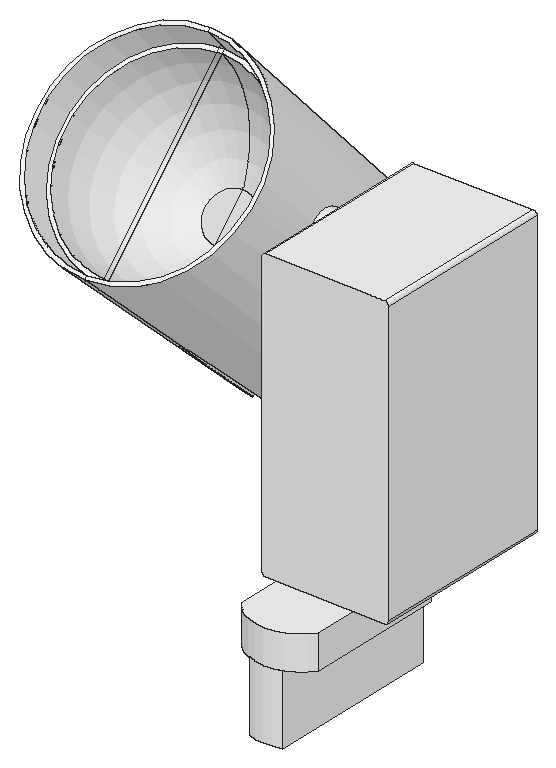
Revit family "0004861 Feilo Sylvania Lighting Fixture START TRACK SPOT S 14W 3K RA90 WB WHITE", category Lighting Fixtures, host Face, Revit 2017
Family settings
  Host = Face
  Round Connector Dimension = Use Diameter
  Part Type = Normal
  OmniClass Number = 23.80.70.00
  OmniClass Title = Lighting
  Cut with Voids When Loaded = No
  Light Source = No
  Shared = No
  Room Calculation Point = No
Parameters (values of type "0004861 START TRACK SPOT S 14W 3K RA90 WB WHITE")
  Weight = "0.94 kg"
  Wattage Comments = ""
  WarrantyStartDate [instance] = "n/a"
  WarrantyGuarantorParts = "n/a"
  WarrantyDurationUnit = "n/a"
  WarrantyDurationParts = "n/a"
  WarrantyDescription = "n/a"
  Voltage = 230 V
  URL = "http://www.sylvania-lighting.com"
  TypeName = "START TRACK SPOT S 14W 3K RA90 WB WHITE"
  TypeHead_FEILO = Start Track Spot Head : 0004861 START TRACK SPOT S 14W 3K RA90 WB WHITE
  TypeBox_FEILO = Start Track Spot Box : Type Small White
  Type Image = <None>
  Type Comments = "n/a"
  VerticalRotation_FEILO [instance] = 0.00°
  SlideEndAngle_FEILO [instance] = VerticalRotation_FEILO + 180.00°  # 180.00°
  SerialNumber [instance] = "n/a"
  Material_3_FEILO = none
  PowerFactor = 0.92
  PowerConsumption = "14 W"
  NominalLength = 0 mm
  NominalHeight = 200 mm
  NominalDepth = 140 mm
  Name = "START TRACK SPOT S 14W 3K RA90 WB WHITE"
  ModelReference = Name  # "START TRACK SPOT S 14W 3K RA90 WB WHITE"
  ModelNumber = "0004861"
  Model = Name  # "START TRACK SPOT S 14W 3K RA90 WB WHITE"
  Material = "adc12 aluminium housing, polycarbonate diffuser"
  ManufacturerName = "Feilo Sylvania"
  Manufacturer = "Feilo Sylvania"
  LuminousEfficacy = "90 lm/W"
  LuminaireType = ""
  LightOutputRatio = "100"
  LampsType = Lamp  # "LED"
  LampNominalLuminous = "1262 lm"
  LampMacAdamStep = "3"
  LampColourTemperature = "3000 K"
  LampColourRenderingIndex = "90"
  Lamp = "LED"
  Keynote = "16500"
  InstallationDate [instance] = "n/a"
  InputVoltage = "230-240V~"
  InputNominalFrequency = "50/60 Hz"
  IngressProtection = "IP20"
  ImpactProtectionIndex = "IK02"
  IfcExportType = "IfcLightFixtureType"
  IfcExportAs = "IfcLightFixtureType"
  HorizontalRotation_FEILO [instance] = 45.00°
  ExpectedLife = 50000
  ElectricShockClassification = "Class II"
  DurationUnit = "hours"
  DocumentationLiterature = "http://www.sylvania-lighting.com/product/en-int/products/0004861"
  DimmingControlOptions = "Non dimmable"
  Material_2_FEILO = none
  Description = "Integrated LED spotlight, Textured White - RAL9016, compact and minimalist design, ideal for retail applications, die-cast aluminium body, passive cooling heatsink. Beam angle: 64°, color temperature: 3000K , total system power: 14W, total fixture output: 1262 lm, LOR: 100%, colour rendering: Ra: 90 typical, LED Chromaticity: 3 step MacAdam ellipse, lifetime: >50000 hours at L70B50, energy class: A++, A+, A, IR/UV free light source without heat radiation, operating voltage: 220-240V / 50-60Hz, drive current: 350mA, electronic driver, non-dimmable, power factor: 0.92, electrical protection: Class II, Global Track 3 Phase adapter suitable for Global trac 3-circuit tracks, ingress protection rating: IP20, suitable for internal environment only, horizontal rotation: 355°, vertical tilt: 90°, dimensions: Ø86x140x200, weight: 0.940kg."
  Default Elevation = 1219.2 mm
  CreatedOn = "12/12/2017"
  CreatedBy = ""
  Cost = 0
  built-in parameter 1114216 [instance] = (empty or 0)
  ClassificationValue = "EF_70_80"
  ClassificationName = "Uniclass2015"
  Material_1_FEILO = Body-Sylvania-StartTrackSpot-White
  BarCode [instance] = "n/a"
  AssetType = "Fixed"
  AssetIdentifier [instance] = "n/a"
  Assembly Code = "D5020200"
  Apparent Load = 14 VA
  Material_4_FEILO = none
Reference planes
  plane 1 "Center (Front/Back)": y = 0
  plane 2: z = 0
  plane 3 "Center (Left/Right)": x = 0
  plane 4: x = 15
  plane 5: x = -15
  plane 6: y = 35
  plane 7: y = -35
  plane 8: z = 13
  plane 9: z = -27
  plane 10: x = 6.5
  plane 11: x = -6.5
  plane 12: y = 27
  plane 13: y = -27
  plane 14: y = 20
Forms (mm)
  Extrusion 1, solid, material "Body-Sylvania-StartTrackSpot-White" <- "Material_1_FEILO"
    sketch origin (0, 0, 0) x (1, 0, 0) y (0, 1, 0)
      loop
        line (-15, 27) -> (-15, -27)
        arc (-15, -27) -> (0, -35) -> (15, -27) r 18.062
        line (15, -27) -> (15, 27)
        arc (15, 27) -> (0, 35) -> (-15, 27) r 18.062
    from 0 to 13
  Extrusion 2, solid, material "Body-Sylvania-StartTrackSpot-White" <- "Material_1_FEILO"
    sketch origin (0, 0, 0) x (1, 0, 0) y (0, 1, 0)
      loop
        arc (6.5, 33.79) -> (0, 35) -> (-6.5, 33.79) r 18.062
        line (-6.5, 33.79) -> (-6.5, -33.79)
        arc (-6.5, -33.79) -> (0, -35) -> (6.5, -33.79) r 18.062
        line (6.5, -33.79) -> (6.5, 33.79)
    from 0 to -27
  Revolve 3, solid, not visible
    sketch origin (1524, 20, 1219.2) x (1, 0, 0) y (0, 0, 1)
      loop
        line (-1524, -1206.2) -> (-1524, -1191.285) -> (-1530.5, -1191.285) -> (-1530.5, -1206.2) -> (-1524, -1206.2)
      axis (-1524, -1191.285) -> (-1524, -1206.2)
    angle from 0 <- "VerticalRotation_FEILO" to 180 <- "SlideEndAngle_FEILO"
Cuts and joins
  joined: Extrusion 1, Extrusion 2
Dimensions and locks
  equal spacing: plane 10, plane 3 "Center (Left/Right)", plane 11
  equal spacing: plane 4, plane 3 "Center (Left/Right)", plane 5
  locked: plane 8 to plane 2 at 13
  locked: plane 8 to plane 9 at 40
  equal spacing: plane 13, plane 1 "Center (Front/Back)", plane 12
  locked: plane 12 to plane 6 at 8
  locked: plane 14 to plane 6 at 15
  locked: Revolve 3 sketch curve to plane 8 at 14.915
  aligned and locked: plane 2 to host face
  aligned and locked: level to host face
  aligned and locked: plane 5 to Extrusion 1 sketch curve  (x2)
  aligned and locked: plane 12 to Extrusion 1 sketch curve
  aligned and locked: plane 13 to Extrusion 1 sketch curve
  aligned and locked: plane 4 to Extrusion 1 sketch curve
  aligned and locked: Extrusion 1 to plane 8
  aligned and locked: Extrusion 1 to level
  aligned and locked: Extrusion 2 sketch curve to Extrusion 1  (x2)
  aligned and locked: Extrusion 2 sketch curve to plane 11
  aligned and locked: plane 10 to Extrusion 2 sketch curve
  aligned and locked: plane 9 to Extrusion 2
  aligned and locked: level to Extrusion 2
  aligned and locked: Revolve 3 sketch curve to plane 3 "Center (Left/Right)"  (x2)
  aligned and locked: plane 11 to Revolve 3 sketch curve
  aligned and locked: Revolve 3 sketch curve to plane 8
Automatic sketch dimensions
  host sketch curve to host sketch curve = 2438.4 mm  (x2)
  Extrusion 1 sketch curve to plane 3 "Center (Left/Right)" = 0 mm  (x2)
  Extrusion 1 sketch curve to plane 13 = 10.062 mm
  plane 12 to Extrusion 1 sketch curve = 10.062 mm
  Revolve 3 sketch curve to plane 3 "Center (Left/Right)" = 0 mm
  plane 9 to Revolve 3 sketch curve = 582.6 mm
  Revolve 3 sketch curve to Revolve 3 sketch curve = 2581.144 mm
Nested families
  nested 1: "Start Track Spot Head" at (-62, 20, 112.529) x (0, 0.7071, 0.7071) z (0, 0.7071, -0.7071), type <- "TypeHead_FEILO", type "0004861 START TRACK SPOT S 14W 3K RA90 WB WHITE"
    with built-in parameter 1114216 (empty or 0)
  nested 2: "Start Track Spot Box" at (8.5, 20, 73) x (-1, 0, 0) z (0, -1, 0), BoxStartAngle_FEILO <- "HorizontalRotation_FEILO", type <- "TypeBox_FEILO", type "Type Small White"
    with BoxStartAngle_FEILO 45.00°, BoxEndAngle_FEILO -135.00°
Connectors
  electrical at (0, 0, 0), driven by "Apparent Load", driven by "PowerFactor", driven by "Voltage"
    settings: index 1, voltage 230 V, apparent load 14 VA, apparent load phase1 0 VA, apparent load phase2 0 VA, apparent load phase3 0 VA, power factor 0.92, load classification "Lighting", number of poles 1, system type 30, power factor state 1, is connector primary yes, connector utility no, sub classification motor no, connector description ""
Definition of nested family "Start Track Spot Head"
  Parameters (values of type "0004811 START TRACK SPOT S 14W 3K RA80 NB WHITE")
    Wattage Comments = "n/a"
    Wattage = 14 W
    built-in parameter 1150110 = 1 (stored number, unit not read)
    URL = "http://www.feilosylvania.com"
    Type Image = (empty or 0)
    Type Comments = "n/a"
    built-in parameter 1114217 = 1 (stored number, unit not read)
    Tilt Angle = -90.00°
    built-in parameter 1150109 = 1 (stored number, unit not read)
    built-in parameter 1150134 = (empty or 0)
    built-in parameter 1150113 = 1 (stored number, unit not read)
    Photometric Web File = "0004811.ies"
    Material_3_FEILO = none
    Model = "START TRACK SPOT S 14W 3K RA80 NB WHITE"
    Manufacturer = "Feilo Sylvania"
    built-in parameter 1150105 = 123.66 (stored number, unit not read)
    Lumens = 1554 lm
    built-in parameter 1150115 = 1 (stored number, unit not read)
    built-in parameter 1150137 = (empty or 0)
    built-in parameter 1150139 = (empty or 0)
    built-in parameter 1150112 = 1 (stored number, unit not read)
    built-in parameter 1150114 = 1 (stored number, unit not read)
    Lamp = "LED"
    Keynote = "16500"
    Material_2_FEILO = none
    built-in parameter 1150132 = (empty or 0)
    built-in parameter 1150102 = (empty or 0)
    built-in parameter 1150107 = 3000 (stored number, unit not read)
    built-in parameter 1150138 = (empty or 0)
    built-in parameter 1150106 = 1.2366 (stored number, unit not read)
    HeadThickness_FEILO = if(HeadDiaOut_FEILO > 112 mm, 2 mm, 1.5 mm)  # 1.5 mm
    HeadRibOffset_FEILO = HeadHeight_FEILO / 28  # 4.179 mm
    HeadRibDepth_FEILO = HeadHeight_FEILO / 2.1  # 55.714 mm
    HeadRibCutWidth_FEILO = HeadDiaOut_FEILO / 12  # 7.167 mm
    HeadRibCutOffset_FEILO = HeadHeight_FEILO / 2.3  # 50.87 mm
    HeadReflectorRadius_FEILO = HeadDiaOut_FEILO / 1.7  # 50.588 mm
    HeadReflectorOffset_FEILO = HeadHeight_FEILO / 2.1  # 55.714 mm
    HeadLEDRadius_FEILO = HeadDiaOut_FEILO / 9  # 9.556 mm
    HeadHeight_FEILO = 117 mm
    HeadDraft_FEILO = 1 mm
    HeadDiffusorThickness_FEILO = 3 mm
    HeadDiffusorOffset_FEILO = HeadHeight_FEILO / 12.4  # 9.435 mm
    HeadDiaOut_FEILO = 86 mm
    HeadDiaIn_FEILO = HeadDiaOut_FEILO / 1.11  # 77.477 mm
    HeadAxisFromTop_FEILO = HeadHeight_FEILO / 1.687  # 69.354 mm
    Emit from Circle Diameter = HeadDiaIn_FEILO  # 77.477 mm
    Emit Shape Visible in Rendering = no
    built-in parameter 1150104 = 10.312 (stored number, unit not read)
    Dimming Lamp Color Temperature Shift = (empty or 0)
    Description = "Integrated LED spotlight, Textured White - RAL9016, compact and minimalist design, ideal for retail applications, die-cast aluminium body, passive cooling heatsink. Beam angle: 12°, color temperature: 3000K , total system power: 14W, total fixture output: 1551 lm, LOR: 100%, colour rendering: Ra: 80 typical, LED Chromaticity: 3 step MacAdam ellipse, lifetime: >50000 hours at L70B50, energy class: A++, A+, A, IR/UV free light source without heat radiation, operating voltage: 220-240V / 50-60Hz, drive current: 350mA, electronic driver, non-dimmable, power factor: 0.92, electrical protection: Class II, Global Track 3 Phase adapter suitable for Global trac 3-circuit tracks, ingress protection rating: IP20, suitable for internal environment only, horizontal rotation: 355°, vertical tilt: 90°, dimensions: Ø86x140x200, weight: 0.940kg."
    Default Elevation = 1219.2 mm
    Cost = 0
    Color Filter = 16777215
    built-in parameter 1114216 [instance] = (empty or 0)
    Material_1_FEILO = none
    built-in parameter 1114218 = 1 (stored number, unit not read)
    built-in parameter 1150133 = 10 (stored number, unit not read)
    Assembly Code = "D5020200"
    Apparent Load = 14 VA
    Material_4_FEILO = none
  Types (96, lengths in mm): name | Wattage | built-in parameter 1150134 | Photometric Web File | Model | built-in parameter 1150105 | Lumens | built-in parameter 1150107 | built-in parameter 1150106 | HeadThickness_FEILO | HeadRibOffset_FEILO | HeadRibDepth_FEILO | HeadRibCutWidth_FEILO | HeadRibCutOffset_FEILO | HeadReflectorRadius_FEILO | HeadReflectorOffset_FEILO | HeadLEDRadius_FEILO | HeadHeight_FEILO | HeadDiffusorOffset_FEILO | HeadDiaOut_FEILO | HeadDiaIn_FEILO | HeadAxisFromTop_FEILO | Emit from Circle Diameter | built-in parameter 1150104 | Description | Apparent Load
    0004906 START TRACK SPOT L 55W 4K RA90 WB BLACK | 55 W | 12 | "0004906.ies" | "START TRACK SPOT L 55W 4K RA90 WB BLACK" | 385.15 (stored number, unit not read) | 4840 lm | 4000 (stored number, unit not read) | 3.8515 (stored number, unit not read) | 2 | 4.429 | 59.048 | 9.417 | 53.913 | 66.471 | 59.048 | 12.556 | 124 | 10 | 113 | 101.802 | 73.503 | 101.802 | 8.1755 (stored number, unit not read) | "Integrated LED spotlight, Textured Black - RAL9005, compact and minimalist design, ideal for retail applications, die-cast aluminium body, passive cooling heatsink. Beam angle: 52°, color temperature: 4000K , total system power: 55W, total fixture output: 4824 lm, LOR: 100%, colour rendering: Ra: 90 typical, LED Chromaticity: 3 step MacAdam ellipse, lifetime: >50000 hours at L70B50, energy class: A++, A+, A, IR/UV free light source without heat radiation, operating voltage: 220-240V / 50-60Hz, drive current: 1400mA, electronic driver, non-dimmable, power factor: 0.96, electrical protection: Class II, Global Track 3 Phase adapter suitable for Global trac 3-circuit tracks, ingress protection rating: IP20, suitable for internal environment only, horizontal rotation: 355°, vertical tilt: 90°, dimensions: Ø113x164x240, weight: 1.398kg." | 55 VA
    0004905 START TRACK SPOT L 55W 4K RA90 MB BLACK | 55 W | 12 | "0004905.ies" | "START TRACK SPOT L 55W 4K RA90 MB BLACK" | 389.53 (stored number, unit not read) | 4895 lm | 4000 (stored number, unit not read) | 3.8953 (stored number, unit not read) | 2 | 4.429 | 59.048 | 9.417 | 53.913 | 66.471 | 59.048 | 12.556 | 124 | 10 | 113 | 101.802 | 73.503 | 101.802 | 8.2684 (stored number, unit not read) | "Integrated LED spotlight, Textured Black - RAL9005, compact and minimalist design, ideal for retail applications, die-cast aluminium body, passive cooling heatsink. Beam angle: 38°, color temperature: 4000K , total system power: 55W, total fixture output: 4897 lm, LOR: 100%, colour rendering: Ra: 90 typical, LED Chromaticity: 3 step MacAdam ellipse, lifetime: >50000 hours at L70B50, energy class: A++, A+, A, IR/UV free light source without heat radiation, operating voltage: 220-240V / 50-60Hz, drive current: 1400mA, electronic driver, non-dimmable, power factor: 0.96, electrical protection: Class II, Global Track 3 Phase adapter suitable for Global trac 3-circuit tracks, ingress protection rating: IP20, suitable for internal environment only, horizontal rotation: 355°, vertical tilt: 90°, dimensions: Ø113x164x240, weight: 1.398kg." | 55 VA
    0004904 START TRACK SPOT L 55W 4K RA90 NB BLACK | 55 W | 12 | "0004904.ies" | "START TRACK SPOT L 55W 4K RA90 NB BLACK" | 393.91 (stored number, unit not read) | 4950 lm | 4000 (stored number, unit not read) | 3.9391 (stored number, unit not read) | 2 | 4.429 | 59.048 | 9.417 | 53.913 | 66.471 | 59.048 | 12.556 | 124 | 10 | 113 | 101.802 | 73.503 | 101.802 | 8.3613 (stored number, unit not read) | "Integrated LED spotlight, Textured Black - RAL9005, compact and minimalist design, ideal for retail applications, die-cast aluminium body, passive cooling heatsink. Beam angle: 15°, color temperature: 4000K , total system power: 55W, total fixture output: 4965 lm, LOR: 100%, colour rendering: Ra: 90 typical, LED Chromaticity: 3 step MacAdam ellipse, lifetime: >50000 hours at L70B50, energy class: A++, A+, A, IR/UV free light source without heat radiation, operating voltage: 220-240V / 50-60Hz, drive current: 1400mA, electronic driver, non-dimmable, power factor: 0.96, electrical protection: Class II, Global Track 3 Phase adapter suitable for Global trac 3-circuit tracks, ingress protection rating: IP20, suitable for internal environment only, horizontal rotation: 355°, vertical tilt: 90°, dimensions: Ø113x164x240, weight: 1.398kg." | 55 VA
    0004903 START TRACK SPOT L 35W 4K RA90 WB BLACK | 35 W | 12 | "0004903.ies" | "START TRACK SPOT L 35W 4K RA90 WB BLACK" | 284.09 (stored number, unit not read) | 3570 lm | 4000 (stored number, unit not read) | 2.8409 (stored number, unit not read) | 2 | 4.429 | 59.048 | 9.417 | 53.913 | 66.471 | 59.048 | 12.556 | 124 | 10 | 113 | 101.802 | 73.503 | 101.802 | 9.4761 (stored number, unit not read) | "Integrated LED spotlight, Textured Black - RAL9005, compact and minimalist design, ideal for retail applications, die-cast aluminium body, passive cooling heatsink. Beam angle: 52°, color temperature: 4000K , total system power: 35W, total fixture output: 3562 lm, LOR: 100%, colour rendering: Ra: 90 typical, LED Chromaticity: 3 step MacAdam ellipse, lifetime: >50000 hours at L70B50, energy class: A++, A+, A, IR/UV free light source without heat radiation, operating voltage: 220-240V / 50-60Hz, drive current: 900mA, electronic driver, non-dimmable, power factor: 0.93, electrical protection: Class II, Global Track 3 Phase adapter suitable for Global trac 3-circuit tracks, ingress protection rating: IP20, suitable for internal environment only, horizontal rotation: 355°, vertical tilt: 90°, dimensions: Ø113x164x240, weight: 1.368kg." | 35 VA
    0004902 START TRACK SPOT L 35W 4K RA90 MB BLACK | 35 W | 12 | "0004902.ies" | "START TRACK SPOT L 35W 4K RA90 MB BLACK" | 286.88 (stored number, unit not read) | 3605 lm | 4000 (stored number, unit not read) | 2.8688 (stored number, unit not read) | 2 | 4.429 | 59.048 | 9.417 | 53.913 | 66.471 | 59.048 | 12.556 | 124 | 10 | 113 | 101.802 | 73.503 | 101.802 | 9.569 (stored number, unit not read) | "Integrated LED spotlight, Textured Black - RAL9005, compact and minimalist design, ideal for retail applications, die-cast aluminium body, passive cooling heatsink. Beam angle: 38°, color temperature: 4000K , total system power: 35W, total fixture output: 3616 lm, LOR: 100%, colour rendering: Ra: 90 typical, LED Chromaticity: 3 step MacAdam ellipse, lifetime: >50000 hours at L70B50, energy class: A++, A+, A, IR/UV free light source without heat radiation, operating voltage: 220-240V / 50-60Hz, drive current: 900mA, electronic driver, non-dimmable, power factor: 0.93, electrical protection: Class II, Global Track 3 Phase adapter suitable for Global trac 3-circuit tracks, ingress protection rating: IP20, suitable for internal environment only, horizontal rotation: 355°, vertical tilt: 90°, dimensions: Ø113x164x240, weight: 1.368kg." | 35 VA
    0004901 START TRACK SPOT L 35W 4K RA90 NB BLACK | 35 W | 12 | "0004901.ies" | "START TRACK SPOT L 35W 4K RA90 NB BLACK" | 286.88 (stored number, unit not read) | 3605 lm | 4000 (stored number, unit not read) | 2.8688 (stored number, unit not read) | 2 | 4.429 | 59.048 | 9.417 | 53.913 | 66.471 | 59.048 | 12.556 | 124 | 10 | 113 | 101.802 | 73.503 | 101.802 | 9.569 (stored number, unit not read) | "Integrated LED spotlight, Textured Black - RAL9005, compact and minimalist design, ideal for retail applications, die-cast aluminium body, passive cooling heatsink. Beam angle: 15°, color temperature: 4000K , total system power: 35W, total fixture output: 3593 lm, LOR: 100%, colour rendering: Ra: 90 typical, LED Chromaticity: 3 step MacAdam ellipse, lifetime: >50000 hours at L70B50, energy class: A++, A+, A, IR/UV free light source without heat radiation, operating voltage: 220-240V / 50-60Hz, drive current: 900mA, electronic driver, non-dimmable, power factor: 0.93, electrical protection: Class II, Global Track 3 Phase adapter suitable for Global trac 3-circuit tracks, ingress protection rating: IP20, suitable for internal environment only, horizontal rotation: 355°, vertical tilt: 90°, dimensions: Ø113x164x240, weight: 1.368kg." | 35 VA
    0004900 START TRACK SPOT S 24W 4K RA90 WB BLACK | 24 W | 12 | "0004900.ies" | "START TRACK SPOT S 24W 4K RA90 WB BLACK" | 166.16 (stored number, unit not read) | 2088 lm | 4000 (stored number, unit not read) | 1.6616 (stored number, unit not read) | 1.5 | 4.179 | 55.714 | 7.167 | 50.87 | 50.588 | 55.714 | 9.556 | 117 | 9.435 | 86 | 77.477 | 69.354 | 77.477 | 8.0826 (stored number, unit not read) | "Integrated LED spotlight, Textured Black - RAL9005, compact and minimalist design, ideal for retail applications, die-cast aluminium body, passive cooling heatsink. Beam angle: 64°, color temperature: 4000K , total system power: 24W, total fixture output: 2087 lm, LOR: 100%, colour rendering: Ra: 90 typical, LED Chromaticity: 3 step MacAdam ellipse, lifetime: >50000 hours at L70B50, energy class: A++, A+, A, IR/UV free light source without heat radiation, operating voltage: 220-240V / 50-60Hz, drive current: 600mA, electronic driver, non-dimmable, power factor: 0.95, electrical protection: Class II, Global Track 3 Phase adapter suitable for Global trac 3-circuit tracks, ingress protection rating: IP20, suitable for internal environment only, horizontal rotation: 355°, vertical tilt: 90°, dimensions: Ø86x140x200, weight: 0.966kg." | 24 VA
    0004899 START TRACK SPOT S 24W 4K RA90 MB BLACK | 24 W | 12 | "0004899.ies" | "START TRACK SPOT S 24W 4K RA90 MB BLACK" | 169.98 (stored number, unit not read) | 2136 lm | 4000 (stored number, unit not read) | 1.6998 (stored number, unit not read) | 1.5 | 4.179 | 55.714 | 7.167 | 50.87 | 50.588 | 55.714 | 9.556 | 117 | 9.435 | 86 | 77.477 | 69.354 | 77.477 | 8.2684 (stored number, unit not read) | "Integrated LED spotlight, Textured Black - RAL9005, compact and minimalist design, ideal for retail applications, die-cast aluminium body, passive cooling heatsink. Beam angle: 36°, color temperature: 4000K , total system power: 24W, total fixture output: 2141 lm, LOR: 100%, colour rendering: Ra: 90 typical, LED Chromaticity: 3 step MacAdam ellipse, lifetime: >50000 hours at L70B50, energy class: A++, A+, A, IR/UV free light source without heat radiation, operating voltage: 220-240V / 50-60Hz, drive current: 600mA, electronic driver, non-dimmable, power factor: 0.95, electrical protection: Class II, Global Track 3 Phase adapter suitable for Global trac 3-circuit tracks, ingress protection rating: IP20, suitable for internal environment only, horizontal rotation: 355°, vertical tilt: 90°, dimensions: Ø86x140x200, weight: 0.966kg." | 24 VA
    0004898 START TRACK SPOT S 24W 4K RA90 NB BLACK | 24 W | 12 | "0004898.ies" | "START TRACK SPOT S 24W 4K RA90 NB BLACK" | 171.89 (stored number, unit not read) | 2160 lm | 4000 (stored number, unit not read) | 1.7189 (stored number, unit not read) | 1.5 | 4.179 | 55.714 | 7.167 | 50.87 | 50.588 | 55.714 | 9.556 | 117 | 9.435 | 86 | 77.477 | 69.354 | 77.477 | 8.3613 (stored number, unit not read) | "Integrated LED spotlight, Textured Black - RAL9005, compact and minimalist design, ideal for retail applications, die-cast aluminium body, passive cooling heatsink. Beam angle: 12°, color temperature: 4000K , total system power: 24W, total fixture output: 2155 lm, LOR: 100%, colour rendering: Ra: 90 typical, LED Chromaticity: 3 step MacAdam ellipse, lifetime: >50000 hours at L70B50, energy class: A++, A+, A, IR/UV free light source without heat radiation, operating voltage: 220-240V / 50-60Hz, drive current: 600mA, electronic driver, non-dimmable, power factor: 0.95, electrical protection: Class II, Global Track 3 Phase adapter suitable for Global trac 3-circuit tracks, ingress protection rating: IP20, suitable for internal environment only, horizontal rotation: 355°, vertical tilt: 90°, dimensions: Ø86x140x200, weight: 0.966kg." | 24 VA
    0004897 START TRACK SPOT S 14W 4K RA90 WB BLACK | 14 W | 12 | "0004897.ies" | "START TRACK SPOT S 14W 4K RA90 WB BLACK" | 108.07 (stored number, unit not read) | 1358 lm | 4000 (stored number, unit not read) | 1.0807 (stored number, unit not read) | 1.5 | 4.179 | 55.714 | 7.167 | 50.87 | 50.588 | 55.714 | 9.556 | 117 | 9.435 | 86 | 77.477 | 69.354 | 77.477 | 9.0116 (stored number, unit not read) | "Integrated LED spotlight, Textured Black - RAL9005, compact and minimalist design, ideal for retail applications, die-cast aluminium body, passive cooling heatsink. Beam angle: 64°, color temperature: 4000K , total system power: 14W, total fixture output: 1352 lm, LOR: 100%, colour rendering: Ra: 90 typical, LED Chromaticity: 3 step MacAdam ellipse, lifetime: >50000 hours at L70B50, energy class: A++, A+, A, IR/UV free light source without heat radiation, operating voltage: 220-240V / 50-60Hz, drive current: 350mA, electronic driver, non-dimmable, power factor: 0.92, electrical protection: Class II, Global Track 3 Phase adapter suitable for Global trac 3-circuit tracks, ingress protection rating: IP20, suitable for internal environment only, horizontal rotation: 355°, vertical tilt: 90°, dimensions: Ø86x140x200, weight: 0.940kg." | 14 VA
    0004896 START TRACK SPOT S 14W 4K RA90 MB BLACK | 14 W | 12 | "0004896.ies" | "START TRACK SPOT S 14W 4K RA90 MB BLACK" | 108.07 (stored number, unit not read) | 1358 lm | 4000 (stored number, unit not read) | 1.0807 (stored number, unit not read) | 1.5 | 4.179 | 55.714 | 7.167 | 50.87 | 50.588 | 55.714 | 9.556 | 117 | 9.435 | 86 | 77.477 | 69.354 | 77.477 | 9.0116 (stored number, unit not read) | "Integrated LED spotlight, Textured Black - RAL9005, compact and minimalist design, ideal for retail applications, die-cast aluminium body, passive cooling heatsink. Beam angle: 36°, color temperature: 4000K , total system power: 14W, total fixture output: 1359 lm, LOR: 100%, colour rendering: Ra: 90 typical, LED Chromaticity: 3 step MacAdam ellipse, lifetime: >50000 hours at L70B50, energy class: A++, A+, A, IR/UV free light source without heat radiation, operating voltage: 220-240V / 50-60Hz, drive current: 350mA, electronic driver, non-dimmable, power factor: 0.92, electrical protection: Class II, Global Track 3 Phase adapter suitable for Global trac 3-circuit tracks, ingress protection rating: IP20, suitable for internal environment only, horizontal rotation: 355°, vertical tilt: 90°, dimensions: Ø86x140x200, weight: 0.940kg." | 14 VA
    0004895 START TRACK SPOT S 14W 4K RA90 NB BLACK | 14 W | 12 | "0004895.ies" | "START TRACK SPOT S 14W 4K RA90 NB BLACK" | 106.95 (stored number, unit not read) | 1344 lm | 4000 (stored number, unit not read) | 1.0695 (stored number, unit not read) | 1.5 | 4.179 | 55.714 | 7.167 | 50.87 | 50.588 | 55.714 | 9.556 | 117 | 9.435 | 86 | 77.477 | 69.354 | 77.477 | 8.9187 (stored number, unit not read) | "Integrated LED spotlight, Textured Black - RAL9005, compact and minimalist design, ideal for retail applications, die-cast aluminium body, passive cooling heatsink. Beam angle: 12°, color temperature: 4000K , total system power: 14W, total fixture output: 1349 lm, LOR: 100%, colour rendering: Ra: 90 typical, LED Chromaticity: 3 step MacAdam ellipse, lifetime: >50000 hours at L70B50, energy class: A++, A+, A, IR/UV free light source without heat radiation, operating voltage: 220-240V / 50-60Hz, drive current: 350mA, electronic driver, non-dimmable, power factor: 0.92, electrical protection: Class II, Global Track 3 Phase adapter suitable for Global trac 3-circuit tracks, ingress protection rating: IP20, suitable for internal environment only, horizontal rotation: 355°, vertical tilt: 90°, dimensions: Ø86x140x200, weight: 0.940kg." | 14 VA
    0004894 START TRACK SPOT L 55W 3K RA90 WB BLACK | 55 W | (empty or 0) | "0004894.ies" | "START TRACK SPOT L 55W 3K RA90 WB BLACK" | 350.14 (stored number, unit not read) | 4400 lm | 3000 (stored number, unit not read) | 3.5014 (stored number, unit not read) | 2 | 4.429 | 59.048 | 9.417 | 53.913 | 66.471 | 59.048 | 12.556 | 124 | 10 | 113 | 101.802 | 73.503 | 101.802 | 7.4322 (stored number, unit not read) | "Integrated LED spotlight, Textured Black - RAL9005, compact and minimalist design, ideal for retail applications, die-cast aluminium body, passive cooling heatsink. Beam angle: 52°, color temperature: 3000K , total system power: 55W, total fixture output: 4405 lm, LOR: 100%, colour rendering: Ra: 90 typical, LED Chromaticity: 3 step MacAdam ellipse, lifetime: >50000 hours at L70B50, energy class: A++, A+, A, IR/UV free light source without heat radiation, operating voltage: 220-240V / 50-60Hz, drive current: 1400mA, electronic driver, non-dimmable, power factor: 0.96, electrical protection: Class II, Global Track 3 Phase adapter suitable for Global trac 3-circuit tracks, ingress protection rating: IP20, suitable for internal environment only, horizontal rotation: 355°, vertical tilt: 90°, dimensions: Ø113x164x240, weight: 1.398kg." | 55 VA
    0004893 START TRACK SPOT L 55W 3K RA90 MB BLACK | 55 W | (empty or 0) | "0004893.ies" | "START TRACK SPOT L 55W 3K RA90 MB BLACK" | 354.52 (stored number, unit not read) | 4455 lm | 3000 (stored number, unit not read) | 3.5452 (stored number, unit not read) | 2 | 4.429 | 59.048 | 9.417 | 53.913 | 66.471 | 59.048 | 12.556 | 124 | 10 | 113 | 101.802 | 73.503 | 101.802 | 7.5251 (stored number, unit not read) | "Integrated LED spotlight, Textured Black - RAL9005, compact and minimalist design, ideal for retail applications, die-cast aluminium body, passive cooling heatsink. Beam angle: 38°, color temperature: 3000K , total system power: 55W, total fixture output: 4448 lm, LOR: 100%, colour rendering: Ra: 90 typical, LED Chromaticity: 3 step MacAdam ellipse, lifetime: >50000 hours at L70B50, energy class: A++, A+, A, IR/UV free light source without heat radiation, operating voltage: 220-240V / 50-60Hz, drive current: 1400mA, electronic driver, non-dimmable, power factor: 0.96, electrical protection: Class II, Global Track 3 Phase adapter suitable for Global trac 3-circuit tracks, ingress protection rating: IP20, suitable for internal environment only, horizontal rotation: 355°, vertical tilt: 90°, dimensions: Ø113x164x240, weight: 1.398kg." | 55 VA
    0004892 START TRACK SPOT L 55W 3K RA90 NB BLACK | 55 W | (empty or 0) | "0004892.ies" | "START TRACK SPOT L 55W 3K RA90 NB BLACK" | 350.14 (stored number, unit not read) | 4400 lm | 3000 (stored number, unit not read) | 3.5014 (stored number, unit not read) | 2 | 4.429 | 59.048 | 9.417 | 53.913 | 66.471 | 59.048 | 12.556 | 124 | 10 | 113 | 101.802 | 73.503 | 101.802 | 7.4322 (stored number, unit not read) | "Integrated LED spotlight, Textured Black - RAL9005, compact and minimalist design, ideal for retail applications, die-cast aluminium body, passive cooling heatsink. Beam angle: 15°, color temperature: 3000K , total system power: 55W, total fixture output: 4416 lm, LOR: 100%, colour rendering: Ra: 90 typical, LED Chromaticity: 3 step MacAdam ellipse, lifetime: >50000 hours at L70B50, energy class: A++, A+, A, IR/UV free light source without heat radiation, operating voltage: 220-240V / 50-60Hz, drive current: 1400mA, electronic driver, non-dimmable, power factor: 0.96, electrical protection: Class II, Global Track 3 Phase adapter suitable for Global trac 3-circuit tracks, ingress protection rating: IP20, suitable for internal environment only, horizontal rotation: 355°, vertical tilt: 90°, dimensions: Ø113x164x240, weight: 1.398kg." | 55 VA
    0004891 START TRACK SPOT L 35W 3K RA90 WB BLACK | 35 W | (empty or 0) | "0004891.ies" | "START TRACK SPOT L 35W 3K RA90 WB BLACK" | 259.02 (stored number, unit not read) | 3255 lm | 3000 (stored number, unit not read) | 2.5902 (stored number, unit not read) | 2 | 4.429 | 59.048 | 9.417 | 53.913 | 66.471 | 59.048 | 12.556 | 124 | 10 | 113 | 101.802 | 73.503 | 101.802 | 8.64 (stored number, unit not read) | "Integrated LED spotlight, Textured Black - RAL9005, compact and minimalist design, ideal for retail applications, die-cast aluminium body, passive cooling heatsink. Beam angle: 52°, color temperature: 3000K , total system power: 35W, total fixture output: 3260 lm, LOR: 100%, colour rendering: Ra: 90 typical, LED Chromaticity: 3 step MacAdam ellipse, lifetime: >50000 hours at L70B50, energy class: A++, A+, A, IR/UV free light source without heat radiation, operating voltage: 220-240V / 50-60Hz, drive current: 900mA, electronic driver, non-dimmable, power factor: 0.93, electrical protection: Class II, Global Track 3 Phase adapter suitable for Global trac 3-circuit tracks, ingress protection rating: IP20, suitable for internal environment only, horizontal rotation: 355°, vertical tilt: 90°, dimensions: Ø113x164x240, weight: 1.368kg." | 35 VA
    0004890 START TRACK SPOT L 35W 3K RA90 MB BLACK | 35 W | (empty or 0) | "0004890.ies" | "START TRACK SPOT L 35W 3K RA90 MB BLACK" | 261.81 (stored number, unit not read) | 3290 lm | 3000 (stored number, unit not read) | 2.6181 (stored number, unit not read) | 2 | 4.429 | 59.048 | 9.417 | 53.913 | 66.471 | 59.048 | 12.556 | 124 | 10 | 113 | 101.802 | 73.503 | 101.802 | 8.7329 (stored number, unit not read) | "Integrated LED spotlight, Textured Black - RAL9005, compact and minimalist design, ideal for retail applications, die-cast aluminium body, passive cooling heatsink. Beam angle: 38°, color temperature: 3000K , total system power: 35W, total fixture output: 3306 lm, LOR: 100%, colour rendering: Ra: 90 typical, LED Chromaticity: 3 step MacAdam ellipse, lifetime: >50000 hours at L70B50, energy class: A++, A+, A, IR/UV free light source without heat radiation, operating voltage: 220-240V / 50-60Hz, drive current: 900mA, electronic driver, non-dimmable, power factor: 0.93, electrical protection: Class II, Global Track 3 Phase adapter suitable for Global trac 3-circuit tracks, ingress protection rating: IP20, suitable for internal environment only, horizontal rotation: 355°, vertical tilt: 90°, dimensions: Ø113x164x240, weight: 1.368kg." | 35 VA
    0004889 START TRACK SPOT L 35W 3K RA90 NB BLACK | 35 W | (empty or 0) | "0004889.ies" | "START TRACK SPOT L 35W 3K RA90 NB BLACK" | 261.81 (stored number, unit not read) | 3290 lm | 3000 (stored number, unit not read) | 2.6181 (stored number, unit not read) | 2 | 4.429 | 59.048 | 9.417 | 53.913 | 66.471 | 59.048 | 12.556 | 124 | 10 | 113 | 101.802 | 73.503 | 101.802 | 8.7329 (stored number, unit not read) | "Integrated LED spotlight, Textured Black - RAL9005, compact and minimalist design, ideal for retail applications, die-cast aluminium body, passive cooling heatsink. Beam angle: 15°, color temperature: 3000K , total system power: 35W, total fixture output: 3287 lm, LOR: 100%, colour rendering: Ra: 90 typical, LED Chromaticity: 3 step MacAdam ellipse, lifetime: >50000 hours at L70B50, energy class: A++, A+, A, IR/UV free light source without heat radiation, operating voltage: 220-240V / 50-60Hz, drive current: 900mA, electronic driver, non-dimmable, power factor: 0.93, electrical protection: Class II, Global Track 3 Phase adapter suitable for Global trac 3-circuit tracks, ingress protection rating: IP20, suitable for internal environment only, horizontal rotation: 355°, vertical tilt: 90°, dimensions: Ø113x164x240, weight: 1.368kg." | 35 VA
    0004888 START TRACK SPOT S 24W 3K RA90 WB BLACK | 24 W | (empty or 0) | "0004888.ies" | "START TRACK SPOT S 24W 3K RA90 WB BLACK" | 152.79 (stored number, unit not read) | 1920 lm | 3000 (stored number, unit not read) | 1.5279 (stored number, unit not read) | 1.5 | 4.179 | 55.714 | 7.167 | 50.87 | 50.588 | 55.714 | 9.556 | 117 | 9.435 | 86 | 77.477 | 69.354 | 77.477 | 7.4322 (stored number, unit not read) | "Integrated LED spotlight, Textured Black - RAL9005, compact and minimalist design, ideal for retail applications, die-cast aluminium body, passive cooling heatsink. Beam angle: 64°, color temperature: 3000K , total system power: 24W, total fixture output: 1928 lm, LOR: 100%, colour rendering: Ra: 90 typical, LED Chromaticity: 3 step MacAdam ellipse, lifetime: >50000 hours at L70B50, energy class: A++, A+, A, IR/UV free light source without heat radiation, operating voltage: 220-240V / 50-60Hz, drive current: 600mA, electronic driver, non-dimmable, power factor: 0.95, electrical protection: Class II, Global Track 3 Phase adapter suitable for Global trac 3-circuit tracks, ingress protection rating: IP20, suitable for internal environment only, horizontal rotation: 355°, vertical tilt: 90°, dimensions: Ø86x140x200, weight: 0.966kg." | 24 VA
    0004887 START TRACK SPOT S 24W 3K RA90 MB BLACK | 24 W | (empty or 0) | "0004887.ies" | "START TRACK SPOT S 24W 3K RA90 MB BLACK" | 154.7 (stored number, unit not read) | 1944 lm | 3000 (stored number, unit not read) | 1.547 (stored number, unit not read) | 1.5 | 4.179 | 55.714 | 7.167 | 50.87 | 50.588 | 55.714 | 9.556 | 117 | 9.435 | 86 | 77.477 | 69.354 | 77.477 | 7.5251 (stored number, unit not read) | "Integrated LED spotlight, Textured Black - RAL9005, compact and minimalist design, ideal for retail applications, die-cast aluminium body, passive cooling heatsink. Beam angle: 36°, color temperature: 3000K , total system power: 24W, total fixture output: 1944 lm, LOR: 100%, colour rendering: Ra: 90 typical, LED Chromaticity: 3 step MacAdam ellipse, lifetime: >50000 hours at L70B50, energy class: A++, A+, A, IR/UV free light source without heat radiation, operating voltage: 220-240V / 50-60Hz, drive current: 600mA, electronic driver, non-dimmable, power factor: 0.95, electrical protection: Class II, Global Track 3 Phase adapter suitable for Global trac 3-circuit tracks, ingress protection rating: IP20, suitable for internal environment only, horizontal rotation: 355°, vertical tilt: 90°, dimensions: Ø86x140x200, weight: 0.966kg." | 24 VA
    0004886 START TRACK SPOT S 24W 3K RA90 NB BLACK | 24 W | (empty or 0) | "0004886.ies" | "START TRACK SPOT S 24W 3K RA90 NB BLACK" | 158.52 (stored number, unit not read) | 1992 lm | 3000 (stored number, unit not read) | 1.5852 (stored number, unit not read) | 1.5 | 4.179 | 55.714 | 7.167 | 50.87 | 50.588 | 55.714 | 9.556 | 117 | 9.435 | 86 | 77.477 | 69.354 | 77.477 | 7.711 (stored number, unit not read) | "Integrated LED spotlight, Textured Black - RAL9005, compact and minimalist design, ideal for retail applications, die-cast aluminium body, passive cooling heatsink. Beam angle: 12°, color temperature: 3000K , total system power: 24W, total fixture output: 1987 lm, LOR: 100%, colour rendering: Ra: 90 typical, LED Chromaticity: 3 step MacAdam ellipse, lifetime: >50000 hours at L70B50, energy class: A++, A+, A, IR/UV free light source without heat radiation, operating voltage: 220-240V / 50-60Hz, drive current: 600mA, electronic driver, non-dimmable, power factor: 0.95, electrical protection: Class II, Global Track 3 Phase adapter suitable for Global trac 3-circuit tracks, ingress protection rating: IP20, suitable for internal environment only, horizontal rotation: 355°, vertical tilt: 90°, dimensions: Ø86x140x200, weight: 0.966kg." | 24 VA
    0004885 START TRACK SPOT S 14W 3K RA90 WB BLACK | 14 W | (empty or 0) | "0004885.ies" | "START TRACK SPOT S 14W 3K RA90 WB BLACK" | 100.27 (stored number, unit not read) | 1260 lm | 3000 (stored number, unit not read) | 1.0027 (stored number, unit not read) | 1.5 | 4.179 | 55.714 | 7.167 | 50.87 | 50.588 | 55.714 | 9.556 | 117 | 9.435 | 86 | 77.477 | 69.354 | 77.477 | 8.3613 (stored number, unit not read) | "Integrated LED spotlight, Textured Black - RAL9005, compact and minimalist design, ideal for retail applications, die-cast aluminium body, passive cooling heatsink. Beam angle: 64°, color temperature: 3000K , total system power: 14W, total fixture output: 1262 lm, LOR: 100%, colour rendering: Ra: 90 typical, LED Chromaticity: 3 step MacAdam ellipse, lifetime: >50000 hours at L70B50, energy class: A++, A+, A, IR/UV free light source without heat radiation, operating voltage: 220-240V / 50-60Hz, drive current: 350mA, electronic driver, non-dimmable, power factor: 0.92, electrical protection: Class II, Global Track 3 Phase adapter suitable for Global trac 3-circuit tracks, ingress protection rating: IP20, suitable for internal environment only, horizontal rotation: 355°, vertical tilt: 90°, dimensions: Ø86x140x200, weight: 0.940kg." | 14 VA
    0004884 START TRACK SPOT S 14W 3K RA90 MB BLACK | 14 W | (empty or 0) | "0004884.ies" | "START TRACK SPOT S 14W 3K RA90 MB BLACK" | 100.27 (stored number, unit not read) | 1260 lm | 3000 (stored number, unit not read) | 1.0027 (stored number, unit not read) | 1.5 | 4.179 | 55.714 | 7.167 | 50.87 | 50.588 | 55.714 | 9.556 | 117 | 9.435 | 86 | 77.477 | 69.354 | 77.477 | 8.3613 (stored number, unit not read) | "Integrated LED spotlight, Textured Black - RAL9005, compact and minimalist design, ideal for retail applications, die-cast aluminium body, passive cooling heatsink. Beam angle: 36°, color temperature: 3000K , total system power: 14W, total fixture output: 1262 lm, LOR: 100%, colour rendering: Ra: 90 typical, LED Chromaticity: 3 step MacAdam ellipse, lifetime: >50000 hours at L70B50, energy class: A++, A+, A, IR/UV free light source without heat radiation, operating voltage: 220-240V / 50-60Hz, drive current: 350mA, electronic driver, non-dimmable, power factor: 0.92, electrical protection: Class II, Global Track 3 Phase adapter suitable for Global trac 3-circuit tracks, ingress protection rating: IP20, suitable for internal environment only, horizontal rotation: 355°, vertical tilt: 90°, dimensions: Ø86x140x200, weight: 0.940kg." | 14 VA
    0004883 START TRACK SPOT S 14W 3K RA90 NB BLACK | 14 W | (empty or 0) | "0004883.ies" | "START TRACK SPOT S 14W 3K RA90 NB BLACK" | 102.5 (stored number, unit not read) | 1288 lm | 3000 (stored number, unit not read) | 1.025 (stored number, unit not read) | 1.5 | 4.179 | 55.714 | 7.167 | 50.87 | 50.588 | 55.714 | 9.556 | 117 | 9.435 | 86 | 77.477 | 69.354 | 77.477 | 8.5471 (stored number, unit not read) | "Integrated LED spotlight, Textured Black - RAL9005, compact and minimalist design, ideal for retail applications, die-cast aluminium body, passive cooling heatsink. Beam angle: 12°, color temperature: 3000K , total system power: 14W, total fixture output: 1284 lm, LOR: 100%, colour rendering: Ra: 90 typical, LED Chromaticity: 3 step MacAdam ellipse, lifetime: >50000 hours at L70B50, energy class: A++, A+, A, IR/UV free light source without heat radiation, operating voltage: 220-240V / 50-60Hz, drive current: 350mA, electronic driver, non-dimmable, power factor: 0.92, electrical protection: Class II, Global Track 3 Phase adapter suitable for Global trac 3-circuit tracks, ingress protection rating: IP20, suitable for internal environment only, horizontal rotation: 355°, vertical tilt: 90°, dimensions: Ø86x140x200, weight: 0.940kg." | 14 VA
    0004882 START TRACK SPOT L 55W 4K RA90 WB WHITE | 55 W | 12 | "0004882.ies" | "START TRACK SPOT L 55W 4K RA90 WB WHITE" | 385.15 (stored number, unit not read) | 4840 lm | 4000 (stored number, unit not read) | 3.8515 (stored number, unit not read) | 2 | 4.429 | 59.048 | 9.417 | 53.913 | 66.471 | 59.048 | 12.556 | 124 | 10 | 113 | 101.802 | 73.503 | 101.802 | 8.1755 (stored number, unit not read) | "Integrated LED spotlight, Textured White - RAL9016, compact and minimalist design, ideal for retail applications, die-cast aluminium body, passive cooling heatsink. Beam angle: 52°, color temperature: 4000K , total system power: 55W, total fixture output: 4824 lm, LOR: 100%, colour rendering: Ra: 90 typical, LED Chromaticity: 3 step MacAdam ellipse, lifetime: >50000 hours at L70B50, energy class: A++, A+, A, IR/UV free light source without heat radiation, operating voltage: 220-240V / 50-60Hz, drive current: 1400mA, electronic driver, non-dimmable, power factor: 0.96, electrical protection: Class II, Global Track 3 Phase adapter suitable for Global trac 3-circuit tracks, ingress protection rating: IP20, suitable for internal environment only, horizontal rotation: 355°, vertical tilt: 90°, dimensions: Ø113x164x240, weight: 1.398kg." | 55 VA
    0004881 START TRACK SPOT L 55W 4K RA90 MB WHITE | 55 W | 12 | "0004881.ies" | "START TRACK SPOT L 55W 4K RA90 MB WHITE" | 389.53 (stored number, unit not read) | 4895 lm | 4000 (stored number, unit not read) | 3.8953 (stored number, unit not read) | 2 | 4.429 | 59.048 | 9.417 | 53.913 | 66.471 | 59.048 | 12.556 | 124 | 10 | 113 | 101.802 | 73.503 | 101.802 | 8.2684 (stored number, unit not read) | "Integrated LED spotlight, Textured White - RAL9016, compact and minimalist design, ideal for retail applications, die-cast aluminium body, passive cooling heatsink. Beam angle: 38°, color temperature: 4000K , total system power: 55W, total fixture output: 4897 lm, LOR: 100%, colour rendering: Ra: 90 typical, LED Chromaticity: 3 step MacAdam ellipse, lifetime: >50000 hours at L70B50, energy class: A++, A+, A, IR/UV free light source without heat radiation, operating voltage: 220-240V / 50-60Hz, drive current: 1400mA, electronic driver, non-dimmable, power factor: 0.96, electrical protection: Class II, Global Track 3 Phase adapter suitable for Global trac 3-circuit tracks, ingress protection rating: IP20, suitable for internal environment only, horizontal rotation: 355°, vertical tilt: 90°, dimensions: Ø113x164x240, weight: 1.398kg." | 55 VA
    0004880 START TRACK SPOT L 55W 4K RA90 NB WHITE | 55 W | 12 | "0004880.ies" | "START TRACK SPOT L 55W 4K RA90 NB WHITE" | 393.91 (stored number, unit not read) | 4950 lm | 4000 (stored number, unit not read) | 3.9391 (stored number, unit not read) | 2 | 4.429 | 59.048 | 9.417 | 53.913 | 66.471 | 59.048 | 12.556 | 124 | 10 | 113 | 101.802 | 73.503 | 101.802 | 8.3613 (stored number, unit not read) | "Integrated LED spotlight, Textured White - RAL9016, compact and minimalist design, ideal for retail applications, die-cast aluminium body, passive cooling heatsink. Beam angle: 15°, color temperature: 4000K , total system power: 55W, total fixture output: 4965 lm, LOR: 100%, colour rendering: Ra: 90 typical, LED Chromaticity: 3 step MacAdam ellipse, lifetime: >50000 hours at L70B50, energy class: A++, A+, A, IR/UV free light source without heat radiation, operating voltage: 220-240V / 50-60Hz, drive current: 1400mA, electronic driver, non-dimmable, power factor: 0.96, electrical protection: Class II, Global Track 3 Phase adapter suitable for Global trac 3-circuit tracks, ingress protection rating: IP20, suitable for internal environment only, horizontal rotation: 355°, vertical tilt: 90°, dimensions: Ø113x164x240, weight: 1.398kg." | 55 VA
    0004879 START TRACK SPOT L 35W 4K RA90 WB WHITE | 35 W | 12 | "0004879.ies" | "START TRACK SPOT L 35W 4K RA90 WB WHITE" | 284.09 (stored number, unit not read) | 3570 lm | 4000 (stored number, unit not read) | 2.8409 (stored number, unit not read) | 2 | 4.429 | 59.048 | 9.417 | 53.913 | 66.471 | 59.048 | 12.556 | 124 | 10 | 113 | 101.802 | 73.503 | 101.802 | 9.4761 (stored number, unit not read) | "Integrated LED spotlight, Textured White - RAL9016, compact and minimalist design, ideal for retail applications, die-cast aluminium body, passive cooling heatsink. Beam angle: 52°, color temperature: 4000K , total system power: 35W, total fixture output: 3562 lm, LOR: 100%, colour rendering: Ra: 90 typical, LED Chromaticity: 3 step MacAdam ellipse, lifetime: >50000 hours at L70B50, energy class: A++, A+, A, IR/UV free light source without heat radiation, operating voltage: 220-240V / 50-60Hz, drive current: 900mA, electronic driver, non-dimmable, power factor: 0.93, electrical protection: Class II, Global Track 3 Phase adapter suitable for Global trac 3-circuit tracks, ingress protection rating: IP20, suitable for internal environment only, horizontal rotation: 355°, vertical tilt: 90°, dimensions: Ø113x164x240, weight: 1.368kg." | 35 VA
    0004878 START TRACK SPOT L 35W 4K RA90 MB WHITE | 35 W | 12 | "0004878.ies" | "START TRACK SPOT L 35W 4K RA90 MB WHITE" | 286.88 (stored number, unit not read) | 3605 lm | 4000 (stored number, unit not read) | 2.8688 (stored number, unit not read) | 2 | 4.429 | 59.048 | 9.417 | 53.913 | 66.471 | 59.048 | 12.556 | 124 | 10 | 113 | 101.802 | 73.503 | 101.802 | 9.569 (stored number, unit not read) | "Integrated LED spotlight, Textured White - RAL9016, compact and minimalist design, ideal for retail applications, die-cast aluminium body, passive cooling heatsink. Beam angle: 38°, color temperature: 4000K , total system power: 35W, total fixture output: 3616 lm, LOR: 100%, colour rendering: Ra: 90 typical, LED Chromaticity: 3 step MacAdam ellipse, lifetime: >50000 hours at L70B50, energy class: A++, A+, A, IR/UV free light source without heat radiation, operating voltage: 220-240V / 50-60Hz, drive current: 900mA, electronic driver, non-dimmable, power factor: 0.93, electrical protection: Class II, Global Track 3 Phase adapter suitable for Global trac 3-circuit tracks, ingress protection rating: IP20, suitable for internal environment only, horizontal rotation: 355°, vertical tilt: 90°, dimensions: Ø113x164x240, weight: 1.368kg." | 35 VA
    0004877 START TRACK SPOT L 35W 4K RA90 NB WHITE | 35 W | 12 | "0004877.ies" | "START TRACK SPOT L 35W 4K RA90 NB WHITE" | 286.88 (stored number, unit not read) | 3605 lm | 4000 (stored number, unit not read) | 2.8688 (stored number, unit not read) | 2 | 4.429 | 59.048 | 9.417 | 53.913 | 66.471 | 59.048 | 12.556 | 124 | 10 | 113 | 101.802 | 73.503 | 101.802 | 9.569 (stored number, unit not read) | "Integrated LED spotlight, Textured White - RAL9016, compact and minimalist design, ideal for retail applications, die-cast aluminium body, passive cooling heatsink. Beam angle: 15°, color temperature: 4000K , total system power: 35W, total fixture output: 3593 lm, LOR: 100%, colour rendering: Ra: 90 typical, LED Chromaticity: 3 step MacAdam ellipse, lifetime: >50000 hours at L70B50, energy class: A++, A+, A, IR/UV free light source without heat radiation, operating voltage: 220-240V / 50-60Hz, drive current: 900mA, electronic driver, non-dimmable, power factor: 0.93, electrical protection: Class II, Global Track 3 Phase adapter suitable for Global trac 3-circuit tracks, ingress protection rating: IP20, suitable for internal environment only, horizontal rotation: 355°, vertical tilt: 90°, dimensions: Ø113x164x240, weight: 1.368kg." | 35 VA
    0004876 START TRACK SPOT S 24W 4K RA90 WB WHITE | 24 W | 12 | "0004876.ies" | "START TRACK SPOT S 24W 4K RA90 WB WHITE" | 166.16 (stored number, unit not read) | 2088 lm | 4000 (stored number, unit not read) | 1.6616 (stored number, unit not read) | 1.5 | 4.179 | 55.714 | 7.167 | 50.87 | 50.588 | 55.714 | 9.556 | 117 | 9.435 | 86 | 77.477 | 69.354 | 77.477 | 8.0826 (stored number, unit not read) | "Integrated LED spotlight, Textured White - RAL9016, compact and minimalist design, ideal for retail applications, die-cast aluminium body, passive cooling heatsink. Beam angle: 64°, color temperature: 4000K , total system power: 24W, total fixture output: 2087 lm, LOR: 100%, colour rendering: Ra: 90 typical, LED Chromaticity: 3 step MacAdam ellipse, lifetime: >50000 hours at L70B50, energy class: A++, A+, A, IR/UV free light source without heat radiation, operating voltage: 220-240V / 50-60Hz, drive current: 600mA, electronic driver, non-dimmable, power factor: 0.95, electrical protection: Class II, Global Track 3 Phase adapter suitable for Global trac 3-circuit tracks, ingress protection rating: IP20, suitable for internal environment only, horizontal rotation: 355°, vertical tilt: 90°, dimensions: Ø86x140x200, weight: 0.966kg." | 24 VA
    0004875 START TRACK SPOT S 24W 4K RA90 MB WHITE | 24 W | 12 | "0004875.ies" | "START TRACK SPOT S 24W 4K RA90 MB WHITE" | 169.98 (stored number, unit not read) | 2136 lm | 4000 (stored number, unit not read) | 1.6998 (stored number, unit not read) | 1.5 | 4.179 | 55.714 | 7.167 | 50.87 | 50.588 | 55.714 | 9.556 | 117 | 9.435 | 86 | 77.477 | 69.354 | 77.477 | 8.2684 (stored number, unit not read) | "Integrated LED spotlight, Textured White - RAL9016, compact and minimalist design, ideal for retail applications, die-cast aluminium body, passive cooling heatsink. Beam angle: 36°, color temperature: 4000K , total system power: 24W, total fixture output: 2141 lm, LOR: 100%, colour rendering: Ra: 90 typical, LED Chromaticity: 3 step MacAdam ellipse, lifetime: >50000 hours at L70B50, energy class: A++, A+, A, IR/UV free light source without heat radiation, operating voltage: 220-240V / 50-60Hz, drive current: 600mA, electronic driver, non-dimmable, power factor: 0.95, electrical protection: Class II, Global Track 3 Phase adapter suitable for Global trac 3-circuit tracks, ingress protection rating: IP20, suitable for internal environment only, horizontal rotation: 355°, vertical tilt: 90°, dimensions: Ø86x140x200, weight: 0.966kg." | 24 VA
    0004874 START TRACK SPOT S 24W 4K RA90 NB WHITE | 24 W | 12 | "0004874.ies" | "START TRACK SPOT S 24W 4K RA90 NB WHITE" | 171.89 (stored number, unit not read) | 2160 lm | 4000 (stored number, unit not read) | 1.7189 (stored number, unit not read) | 1.5 | 4.179 | 55.714 | 7.167 | 50.87 | 50.588 | 55.714 | 9.556 | 117 | 9.435 | 86 | 77.477 | 69.354 | 77.477 | 8.3613 (stored number, unit not read) | "Integrated LED spotlight, Textured White - RAL9016, compact and minimalist design, ideal for retail applications, die-cast aluminium body, passive cooling heatsink. Beam angle: 12°, color temperature: 4000K , total system power: 24W, total fixture output: 2155 lm, LOR: 100%, colour rendering: Ra: 90 typical, LED Chromaticity: 3 step MacAdam ellipse, lifetime: >50000 hours at L70B50, energy class: A++, A+, A, IR/UV free light source without heat radiation, operating voltage: 220-240V / 50-60Hz, drive current: 600mA, electronic driver, non-dimmable, power factor: 0.95, electrical protection: Class II, Global Track 3 Phase adapter suitable for Global trac 3-circuit tracks, ingress protection rating: IP20, suitable for internal environment only, horizontal rotation: 355°, vertical tilt: 90°, dimensions: Ø86x140x200, weight: 0.966kg." | 24 VA
    0004873 START TRACK SPOT S 14W 4K RA90 WB WHITE | 14 W | 12 | "0004873.ies" | "START TRACK SPOT S 14W 4K RA90 WB WHITE" | 108.07 (stored number, unit not read) | 1358 lm | 4000 (stored number, unit not read) | 1.0807 (stored number, unit not read) | 1.5 | 4.179 | 55.714 | 7.167 | 50.87 | 50.588 | 55.714 | 9.556 | 117 | 9.435 | 86 | 77.477 | 69.354 | 77.477 | 9.0116 (stored number, unit not read) | "Integrated LED spotlight, Textured White - RAL9016, compact and minimalist design, ideal for retail applications, die-cast aluminium body, passive cooling heatsink. Beam angle: 64°, color temperature: 4000K , total system power: 14W, total fixture output: 1352 lm, LOR: 100%, colour rendering: Ra: 90 typical, LED Chromaticity: 3 step MacAdam ellipse, lifetime: >50000 hours at L70B50, energy class: A++, A+, A, IR/UV free light source without heat radiation, operating voltage: 220-240V / 50-60Hz, drive current: 350mA, electronic driver, non-dimmable, power factor: 0.92, electrical protection: Class II, Global Track 3 Phase adapter suitable for Global trac 3-circuit tracks, ingress protection rating: IP20, suitable for internal environment only, horizontal rotation: 355°, vertical tilt: 90°, dimensions: Ø86x140x200, weight: 0.940kg." | 14 VA
    0004872 START TRACK SPOT S 14W 4K RA90 MB WHITE | 14 W | 12 | "0004872.ies" | "START TRACK SPOT S 14W 4K RA90 MB WHITE" | 108.07 (stored number, unit not read) | 1358 lm | 4000 (stored number, unit not read) | 1.0807 (stored number, unit not read) | 1.5 | 4.179 | 55.714 | 7.167 | 50.87 | 50.588 | 55.714 | 9.556 | 117 | 9.435 | 86 | 77.477 | 69.354 | 77.477 | 9.0116 (stored number, unit not read) | "Integrated LED spotlight, Textured White - RAL9016, compact and minimalist design, ideal for retail applications, die-cast aluminium body, passive cooling heatsink. Beam angle: 36°, color temperature: 4000K , total system power: 14W, total fixture output: 1359 lm, LOR: 100%, colour rendering: Ra: 90 typical, LED Chromaticity: 3 step MacAdam ellipse, lifetime: >50000 hours at L70B50, energy class: A++, A+, A, IR/UV free light source without heat radiation, operating voltage: 220-240V / 50-60Hz, drive current: 350mA, electronic driver, non-dimmable, power factor: 0.92, electrical protection: Class II, Global Track 3 Phase adapter suitable for Global trac 3-circuit tracks, ingress protection rating: IP20, suitable for internal environment only, horizontal rotation: 355°, vertical tilt: 90°, dimensions: Ø86x140x200, weight: 0.940kg." | 14 VA
    0004871 START TRACK SPOT S 14W 4K RA90 NB WHITE | 14 W | 12 | "0004871.ies" | "START TRACK SPOT S 14W 4K RA90 NB WHITE" | 106.95 (stored number, unit not read) | 1344 lm | 4000 (stored number, unit not read) | 1.0695 (stored number, unit not read) | 1.5 | 4.179 | 55.714 | 7.167 | 50.87 | 50.588 | 55.714 | 9.556 | 117 | 9.435 | 86 | 77.477 | 69.354 | 77.477 | 8.9187 (stored number, unit not read) | "Integrated LED spotlight, Textured White - RAL9016, compact and minimalist design, ideal for retail applications, die-cast aluminium body, passive cooling heatsink. Beam angle: 12°, color temperature: 4000K , total system power: 14W, total fixture output: 1349 lm, LOR: 100%, colour rendering: Ra: 90 typical, LED Chromaticity: 3 step MacAdam ellipse, lifetime: >50000 hours at L70B50, energy class: A++, A+, A, IR/UV free light source without heat radiation, operating voltage: 220-240V / 50-60Hz, drive current: 350mA, electronic driver, non-dimmable, power factor: 0.92, electrical protection: Class II, Global Track 3 Phase adapter suitable for Global trac 3-circuit tracks, ingress protection rating: IP20, suitable for internal environment only, horizontal rotation: 355°, vertical tilt: 90°, dimensions: Ø86x140x200, weight: 0.940kg." | 14 VA
    0004870 START TRACK SPOT L 55W 3K RA90 WB WHITE | 55 W | (empty or 0) | "0004870.ies" | "START TRACK SPOT L 55W 3K RA90 WB WHITE" | 350.14 (stored number, unit not read) | 4400 lm | 3000 (stored number, unit not read) | 3.5014 (stored number, unit not read) | 2 | 4.429 | 59.048 | 9.417 | 53.913 | 66.471 | 59.048 | 12.556 | 124 | 10 | 113 | 101.802 | 73.503 | 101.802 | 7.4322 (stored number, unit not read) | "Integrated LED spotlight, Textured White - RAL9016, compact and minimalist design, ideal for retail applications, die-cast aluminium body, passive cooling heatsink. Beam angle: 52°, color temperature: 3000K , total system power: 55W, total fixture output: 4405 lm, LOR: 100%, colour rendering: Ra: 90 typical, LED Chromaticity: 3 step MacAdam ellipse, lifetime: >50000 hours at L70B50, energy class: A++, A+, A, IR/UV free light source without heat radiation, operating voltage: 220-240V / 50-60Hz, drive current: 1400mA, electronic driver, non-dimmable, power factor: 0.96, electrical protection: Class II, Global Track 3 Phase adapter suitable for Global trac 3-circuit tracks, ingress protection rating: IP20, suitable for internal environment only, horizontal rotation: 355°, vertical tilt: 90°, dimensions: Ø113x164x240, weight: 1.398kg." | 55 VA
    0004869 START TRACK SPOT L 55W 3K RA90 MB WHITE | 55 W | (empty or 0) | "0004869.ies" | "START TRACK SPOT L 55W 3K RA90 MB WHITE" | 354.52 (stored number, unit not read) | 4455 lm | 3000 (stored number, unit not read) | 3.5452 (stored number, unit not read) | 2 | 4.429 | 59.048 | 9.417 | 53.913 | 66.471 | 59.048 | 12.556 | 124 | 10 | 113 | 101.802 | 73.503 | 101.802 | 7.5251 (stored number, unit not read) | "Integrated LED spotlight, Textured White - RAL9016, compact and minimalist design, ideal for retail applications, die-cast aluminium body, passive cooling heatsink. Beam angle: 38°, color temperature: 3000K , total system power: 55W, total fixture output: 4448 lm, LOR: 100%, colour rendering: Ra: 90 typical, LED Chromaticity: 3 step MacAdam ellipse, lifetime: >50000 hours at L70B50, energy class: A++, A+, A, IR/UV free light source without heat radiation, operating voltage: 220-240V / 50-60Hz, drive current: 1400mA, electronic driver, non-dimmable, power factor: 0.96, electrical protection: Class II, Global Track 3 Phase adapter suitable for Global trac 3-circuit tracks, ingress protection rating: IP20, suitable for internal environment only, horizontal rotation: 355°, vertical tilt: 90°, dimensions: Ø113x164x240, weight: 1.398kg." | 55 VA
    0004868 START TRACK SPOT L 55W 3K RA90 NB WHITE | 55 W | (empty or 0) | "0004868.ies" | "START TRACK SPOT L 55W 3K RA90 NB WHITE" | 350.14 (stored number, unit not read) | 4400 lm | 3000 (stored number, unit not read) | 3.5014 (stored number, unit not read) | 2 | 4.429 | 59.048 | 9.417 | 53.913 | 66.471 | 59.048 | 12.556 | 124 | 10 | 113 | 101.802 | 73.503 | 101.802 | 7.4322 (stored number, unit not read) | "Integrated LED spotlight, Textured White - RAL9016, compact and minimalist design, ideal for retail applications, die-cast aluminium body, passive cooling heatsink. Beam angle: 15°, color temperature: 3000K , total system power: 55W, total fixture output: 4416 lm, LOR: 100%, colour rendering: Ra: 90 typical, LED Chromaticity: 3 step MacAdam ellipse, lifetime: >50000 hours at L70B50, energy class: A++, A+, A, IR/UV free light source without heat radiation, operating voltage: 220-240V / 50-60Hz, drive current: 1400mA, electronic driver, non-dimmable, power factor: 0.96, electrical protection: Class II, Global Track 3 Phase adapter suitable for Global trac 3-circuit tracks, ingress protection rating: IP20, suitable for internal environment only, horizontal rotation: 355°, vertical tilt: 90°, dimensions: Ø113x164x240, weight: 1.398kg." | 55 VA
    0004867 START TRACK SPOT L 35W 3K RA90 WB WHITE | 35 W | (empty or 0) | "0004867.ies" | "START TRACK SPOT L 35W 3K RA90 WB WHITE" | 259.02 (stored number, unit not read) | 3255 lm | 3000 (stored number, unit not read) | 2.5902 (stored number, unit not read) | 2 | 4.429 | 59.048 | 9.417 | 53.913 | 66.471 | 59.048 | 12.556 | 124 | 10 | 113 | 101.802 | 73.503 | 101.802 | 8.64 (stored number, unit not read) | "Integrated LED spotlight, Textured White - RAL9016, compact and minimalist design, ideal for retail applications, die-cast aluminium body, passive cooling heatsink. Beam angle: 52°, color temperature: 3000K , total system power: 35W, total fixture output: 3260 lm, LOR: 100%, colour rendering: Ra: 90 typical, LED Chromaticity: 3 step MacAdam ellipse, lifetime: >50000 hours at L70B50, energy class: A++, A+, A, IR/UV free light source without heat radiation, operating voltage: 220-240V / 50-60Hz, drive current: 900mA, electronic driver, non-dimmable, power factor: 0.93, electrical protection: Class II, Global Track 3 Phase adapter suitable for Global trac 3-circuit tracks, ingress protection rating: IP20, suitable for internal environment only, horizontal rotation: 355°, vertical tilt: 90°, dimensions: Ø113x164x240, weight: 1.368kg." | 35 VA
    0004866 START TRACK SPOT L 35W 3K RA90 MB WHITE | 35 W | (empty or 0) | "0004866.ies" | "START TRACK SPOT L 35W 3K RA90 MB WHITE" | 261.81 (stored number, unit not read) | 3290 lm | 3000 (stored number, unit not read) | 2.6181 (stored number, unit not read) | 2 | 4.429 | 59.048 | 9.417 | 53.913 | 66.471 | 59.048 | 12.556 | 124 | 10 | 113 | 101.802 | 73.503 | 101.802 | 8.7329 (stored number, unit not read) | "Integrated LED spotlight, Textured White - RAL9016, compact and minimalist design, ideal for retail applications, die-cast aluminium body, passive cooling heatsink. Beam angle: 38°, color temperature: 3000K , total system power: 35W, total fixture output: 3306 lm, LOR: 100%, colour rendering: Ra: 90 typical, LED Chromaticity: 3 step MacAdam ellipse, lifetime: >50000 hours at L70B50, energy class: A++, A+, A, IR/UV free light source without heat radiation, operating voltage: 220-240V / 50-60Hz, drive current: 900mA, electronic driver, non-dimmable, power factor: 0.93, electrical protection: Class II, Global Track 3 Phase adapter suitable for Global trac 3-circuit tracks, ingress protection rating: IP20, suitable for internal environment only, horizontal rotation: 355°, vertical tilt: 90°, dimensions: Ø113x164x240, weight: 1.368kg." | 35 VA
    0004865 START TRACK SPOT L 35W 3K RA90 NB WHITE | 35 W | (empty or 0) | "0004865.ies" | "START TRACK SPOT L 35W 3K RA90 NB WHITE" | 261.81 (stored number, unit not read) | 3290 lm | 3000 (stored number, unit not read) | 2.6181 (stored number, unit not read) | 2 | 4.429 | 59.048 | 9.417 | 53.913 | 66.471 | 59.048 | 12.556 | 124 | 10 | 113 | 101.802 | 73.503 | 101.802 | 8.7329 (stored number, unit not read) | "Integrated LED spotlight, Textured White - RAL9016, compact and minimalist design, ideal for retail applications, die-cast aluminium body, passive cooling heatsink. Beam angle: 15°, color temperature: 3000K , total system power: 35W, total fixture output: 3287 lm, LOR: 100%, colour rendering: Ra: 90 typical, LED Chromaticity: 3 step MacAdam ellipse, lifetime: >50000 hours at L70B50, energy class: A++, A+, A, IR/UV free light source without heat radiation, operating voltage: 220-240V / 50-60Hz, drive current: 900mA, electronic driver, non-dimmable, power factor: 0.93, electrical protection: Class II, Global Track 3 Phase adapter suitable for Global trac 3-circuit tracks, ingress protection rating: IP20, suitable for internal environment only, horizontal rotation: 355°, vertical tilt: 90°, dimensions: Ø113x164x240, weight: 1.368kg." | 35 VA
